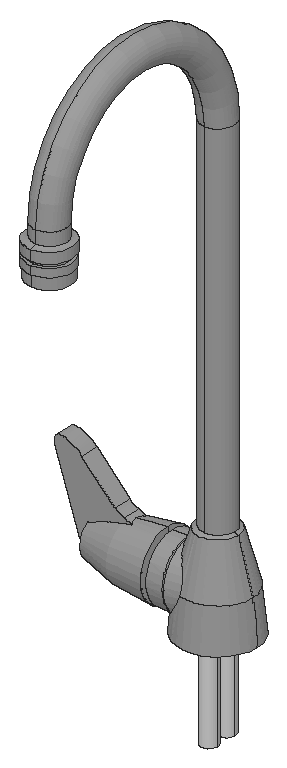
Revit family "equip-faucet-elkay-lkd208513-l", category Plumbing Fixtures, Revit 2019
Family settings
  Round Connector Dimension = Use Radius
  Part Type = Normal
  OmniClass Number = 23.45.55.17
  OmniClass Title = Mixing Faucets
  Work Plane-Based = Yes
  Always vertical = Yes
  Cut with Voids When Loaded = No
  Shared = No
  Room Calculation Point = No
Parameters
  URL = "www.elkayusa.com"
  Type Comments = ""
  Stem Material = Metal - Steel
  Specification URL = "http://www.elkayusa.com/cps/rde/xbcr/elkay/05-123_LKD20858_LKD208513.pdf"
  OmniClass Title = "Mixing Faucets"
  OmniClass Code = "23.45.55.17"
  Nominal Radius = Nominal Dia / 2  # 0' - 0 3/16"
  Nominal Dia = 0' - 0 3/8"
  Model = ""
  MasterFormat Title = "Commercial Faucets"
  MasterFormat Number = "22 42 39"
  Manufacturer = "Elkay Manufacturing"
  Keynote = ""
  HW Flow Rate = 2 GPM
  Faucet Material = Metal - Steel - Stainless - Chrome
  Description = ""
  Default Elevation = 3' - 0"
  Cost = 0
  CW Flow Rate = 2 GPM
  Assembly Code = "D2010900"
Reference planes (in)
  plane 1 "Center (Front/Back)": y = 0
  plane 2 "Sink Deck": z = 0
  plane 3 "Center (Left/Right)": x = 0
  plane 4 "Bottom of Stem": z = -2.12225
  plane 5 "Masking Region": z = 1.25
  plane 6 "CL Back Conn": y = 0.24999
  plane 7 "CL Front Conn": y = -0.25001
  plane 8 "Back": y = 0.87176
  plane 9 "Front": y = -0.8748
  plane 10 "Right": x = 2.89627
  plane 11 "Left": x = -2.89627
Forms (in)
  Sweep 1, solid, material "Metal - Steel - Stainless - Chrome" <- "Faucet Material"
    path origin (0, 0, 0) x (0, 1, 0) y (0, 0, 1)
      loop
        line (0, 2.125) -> (0, 10.375)
        arc (0, 10.375) -> (-2.37527, 12.75) -> (-4.75, 10.37446) r 2.375
        line (-4.75, 10.37446) -> (-4.75, 9.5941)
    profile origin (0, 0, 6.25) x (0, -1, 0) y (1, 0, 0)
      loop
        circle (0, 0) r 0.375
  Revolve 2, solid, material "Metal - Steel - Stainless - Chrome" <- "Faucet Material"
    sketch origin (0, 0, 0) x (1, 0, 0) y (0, 0, 1)
      loop
        line (0, 2.232) -> (0, 0) -> (0.87525, 0)
        arc (0.87525, 0) -> (0.84202, 0.48472) -> (0.77524, 0.96596) r 7
        arc (0.77524, 0.96596) -> (0.64698, 1.55205) -> (0.469, 2.125) r 7
        line (0.469, 2.125) -> (0.29525, 2.232) -> (0, 2.232)
      axis (0, 2.232) -> (0, 0)
    angle from 0 to 360
  Revolve 3, solid, material "Metal - Steel - Stainless - Chrome" <- "Faucet Material"
    sketch origin (0, 0, 0) x (0, 1, 0) y (0, 0, 1)
      loop
        line (-4.75, 10.18786) -> (-5.05543, 10.18786)
        arc (-5.05543, 10.18786) -> (-5.14047, 10.08548) -> (-5.266, 10.04125) r 0.25
        line (-5.266, 10.04125) -> (-5.266, 9.81125) -> (-5.1775, 9.81125) -> (-5.1775, 9.71525) -> (-5.2625, 9.71525) -> (-5.2625, 9.53025) -> (-5.23074, 9.53025) -> (-5.23074, 9.26525) -> (-4.75, 9.26525) -> (-4.75, 10.18786)
      axis (-4.75, 10.18786) -> (-4.75, 9.26525)
    angle from 0 to 360
  Extrusion 4, solid, material "Metal - Steel" <- "Stem Material"
    sketch origin (0, 0, 0) x (1, 0, 0) y (0, 1, 0)
      loop
        circle (0, -0.25001) r 0.1875
    from -2.12225 to 0
  Extrusion 5, solid, material "Metal - Steel - Stainless - Chrome" <- "Faucet Material"
    sketch origin (0, 0, 0) x (1, 0, 0) y (0, 0, 1)
      loop
        spline (-2.89627, 2.62892) -> (-2.97791, 2.70231) -> (-3.06127, 2.76646) -> (-3.14388, 2.81946) -> (-3.22328, 2.85973) -> (-3.29711, 2.88608) -> (-3.36318, 2.89773) -> (-3.41952, 2.89432) -> (-3.46447, 2.87597) -> (-3.49668, 2.84321) -> (-3.5152, 2.79701) -> (-3.51948, 2.73877) -> (-3.50938, 2.67019)
        arc (-3.50938, 2.67019) -> (-3.26735, 1.8077) -> (-2.95328, 0.96875) r 10.58985
        line (-2.95328, 0.96875) -> (-1.72115, 0.96875) -> (-1.72115, 1.62654) -> (-1.95864, 1.70975)
        arc (-1.95864, 1.70975) -> (-2.06646, 1.76282) -> (-2.15849, 1.84009) r 0.5
        line (-2.15849, 1.84009) -> (-2.89627, 2.62892)
    from -0.20703 to 0.20703
  Revolve 6, solid, material "Metal - Steel - Stainless - Chrome" <- "Faucet Material"
    sketch origin (0, 0, 0) x (1, 0, 0) y (0, 0, 1)
      loop
        line (-2.95328, 0.96875) -> (-1.02025, 0.96875) -> (-1.02025, 1.49375) -> (-1.135, 1.49375) -> (-1.135, 1.73375)
        arc (-1.135, 1.73375) -> (-1.96028, 1.6454) -> (-2.75552, 1.40775) r 4.52346
        arc (-2.75552, 1.40775) -> (-2.8569, 1.18937) -> (-2.95328, 0.96875) r 10.58985
      axis (-2.95328, 0.96875) -> (-1.02025, 0.96875)
    angle from 0 to 360
  Extrusion 7, solid, material "Metal - Steel" <- "Stem Material"
    sketch origin (0, 0, 0) x (1, 0, 0) y (0, 1, 0)
      loop
        circle (0, 0.24999) r 0.1875
    from -2.12225 to 0
  Revolve 8, solid, material "Metal - Steel - Stainless - Chrome" <- "Faucet Material"
    sketch origin (0, 0, 0) x (1, 0, 0) y (0, 0, 1)
      loop
        line (-1.02025, 0.96875) -> (0, 0.96875) -> (0, 1.62869) -> (-0.5805, 1.76271)
        arc (-0.5805, 1.76271) -> (-0.61505, 1.731) -> (-0.66064, 1.72) r 0.09375
        arc (-0.66064, 1.72) -> (-0.84047, 1.72056) -> (-1.02025, 1.7165) r 7
        line (-1.02025, 1.7165) -> (-1.02025, 0.96875)
      axis (-1.02025, 0.96875) -> (0, 0.96875)
    angle from 0 to 360
Cuts and joins
  joined: Extrusion 5, Revolve 6
  joined: Revolve 2, Revolve 8
Lines and regions (in)
  Masking region 1
    outline origin (0, 0, 1.25) x (0, -1, 0) y (1, 0, 0)
      loop
        arc (0.79201, 0.37187) -> (-0.87176, -0.00087) -> (0.79274, -0.37029) r 0.87344
        arc (0.79274, -0.37029) -> (0.8748, 0.00087) -> (0.79201, 0.37187) r 0.87648
  Masking region 2
    outline origin (0, 0, 1.25) x (0, -1, 0) y (1, 0, 0)
      loop
        arc (0, 0.375) -> (-0.375, 0) -> (0, -0.375) r 0.375
        line (0, -0.375) -> (4.4326, -0.375)
        arc (4.4326, -0.375) -> (5.27112, 0) -> (4.4326, 0.375) r 0.50311
        line (4.4326, 0.375) -> (0, 0.375)
  Masking region 3
    outline origin (0, 0, 1.25) x (0, -1, 0) y (1, 0, 0)
      loop
        line (0.525, -1.02025) -> (0.74802, -1.02025) -> (0.75083, -0.63549)
        arc (0.75083, -0.63549) -> (0.76336, -0.59853) -> (0.79547, -0.57634) r 0.06212
        line (0.79547, -0.57634) -> (0.76884, -0.39976)
        arc (0.76884, -0.39976) -> (-0.00045, -0.86675) -> (-0.76854, -0.39779) r 0.86531
        line (-0.76854, -0.39779) -> (-0.79547, -0.57634)
        arc (-0.79547, -0.57634) -> (-0.76336, -0.59853) -> (-0.75083, -0.63549) r 0.06212
        line (-0.75083, -0.63549) -> (-0.74802, -1.02025) -> (-0.525, -1.02025) -> (-0.525, -1.135) -> (-0.765, -1.135)
        arc (-0.765, -1.135) -> (-0.6767, -1.96029) -> (-0.43897, -2.75552) r 4.51926
        line (-0.43897, -2.75552) -> (-0.20703, -2.86301) -> (0.20703, -2.86301) -> (0.43897, -2.75552)
        arc (0.43897, -2.75552) -> (0.6767, -1.96029) -> (0.765, -1.135) r 4.51926
        line (0.765, -1.135) -> (0.525, -1.135) -> (0.525, -1.02025)
  Masking region 4
    outline origin (0, 0, 1.25) x (0, -1, 0) y (1, 0, 0)
      loop
        line (0.20703, -3.51977) -> (0.20703, -1.40178) -> (-0.20703, -1.40178) -> (-0.20703, -3.51977) -> (0.20703, -3.51977)
  reference lines, not visible
    curve 1: line (0, 0, 0.2814) -> (0, 0, 2.84832)
    curve 2: line (0, 0, 2.45085) -> (0, 0, 0.2814)
    curve 3: line (0, 0, 2.45085) -> (0, 0, 0.2814)
    curve 4: line (0, 0, 7.0064) -> (0, 0, 0.2814)
    curve 5: line (0, 0, 6.2564) -> (0, 0, 0.2814)
    curve 6: line (0, 0, 2.67639) -> (0, 0, 1.3264)
    curve 7: line (0, 0, 2.96625) -> (0, 0, 0.2814)
    curve 8: line (0, 0, 3.42108) -> (0, 0, 0.2814)
    curve 10: line (0, 0, 0.2814) -> (0, 0, 2.84832)
    curve 11: line (0, 0, 2.45085) -> (0, 0, 0.2814)
    curve 12: line (0, 0, 2.45085) -> (0, 0, 0.2814)
    curve 13: line (0, 0, 7.0064) -> (0, 0, 0.2814)
    curve 14: line (0, 0, 6.2564) -> (0, 0, 0.2814)
    curve 15: line (0, 0, 2.67639) -> (0, 0, 1.3264)
    curve 16: line (0, 0, 2.96625) -> (0, 0, 0.2814)
    curve 17: line (0, 0, 3.42108) -> (0, 0, 0.2814)
  symbolic lines, style "Faucet Plan"
    curve 9: arc (0.375, -0.3283, 1.25) -> (0, 0.49841, 1.25) -> (-0.375, -0.3283, 1.25) r 0.49841
    curve 18: line (-0.57561, -0.79547, 1.25) -> (-0.57561, -0.64803, 1.25)
    curve 19: line (-1.02025, 0.525, 1.25) -> (-1.02025, -0.525, 1.25)
    curve 20: line (-1.135, 0.525, 1.25) -> (-1.135, -0.525, 1.25)
    curve 21: line (-0.57561, 0.79547, 1.25) -> (-0.57561, 0.64803, 1.25)
  reference lines
    curve 22: circle (0, 0.24999, 0) r 0.1875 normal (0, 0, 1)
    curve 23: circle (0, -0.25001, 0) r 0.1875 normal (0, 0, 1)
  model lines, style "Faucet Plan"
    curve 24: line (0.375, -4.76934, 0) -> (0.375, -4.4326, 0)
    curve 25: arc (-0.375, -4.76934, 0) -> (0, -5.14434, 0) -> (0.375, -4.76934, 0) r 0.375
    curve 26: line (-0.375, -4.4326, 0) -> (-0.375, -4.76934, 0)
Dimensions and locks (in)
  locked: plane 5 "Masking Region" to plane 2 "Sink Deck" at 1.25
  "Nominal Radius": radius of curve 22
  "Nominal Radius": radius of curve 23
  aligned and locked: Extrusion 4 sketch curve to curve 23
  aligned and locked: Extrusion 7 sketch curve to curve 22
  aligned and locked: Extrusion 7 to plane 4 "Bottom of Stem"
  aligned and locked: Extrusion 4 to plane 4 "Bottom of Stem"
  aligned and locked: plane 2 "Sink Deck" to Extrusion 7
  aligned and locked: plane 2 "Sink Deck" to Extrusion 4
Automatic sketch dimensions
  curve 23 to plane 3 "Center (Left/Right)" = 0' - 0"
  curve 22 to plane 3 "Center (Left/Right)" = 0' - 0"
  curve 23 to plane 7 "CL Front Conn" = 0' - 0"
  curve 22 to plane 6 "CL Back Conn" = 0' - 0"
  curve 1 to plane 1 "Center (Front/Back)" = 0' - 0"
  curve 2 to plane 1 "Center (Front/Back)" = 0' - 0"
  curve 3 to plane 1 "Center (Front/Back)" = 0' - 0"
  curve 4 to plane 1 "Center (Front/Back)" = 0' - 0"
  curve 5 to plane 1 "Center (Front/Back)" = 0' - 0"
  curve 6 to plane 1 "Center (Front/Back)" = 0' - 0"
  curve 7 to plane 1 "Center (Front/Back)" = 0' - 0"
  curve 8 to plane 1 "Center (Front/Back)" = 0' - 0"
  curve 10 to plane 1 "Center (Front/Back)" = 0' - 0"
  curve 11 to plane 1 "Center (Front/Back)" = 0' - 0"
  curve 12 to plane 1 "Center (Front/Back)" = 0' - 0"
  curve 13 to plane 1 "Center (Front/Back)" = 0' - 0"
  curve 14 to plane 1 "Center (Front/Back)" = 0' - 0"
  curve 15 to plane 1 "Center (Front/Back)" = 0' - 0"
  curve 16 to plane 1 "Center (Front/Back)" = 0' - 0"
  curve 17 to plane 1 "Center (Front/Back)" = 0' - 0"
  level to curve 1 = 0' - 0.2814"
  curve 16 to curve 1 = 0' - 0"
  curve 14 to curve 16 = 0' - 0"
  curve 2 to curve 14 = 0' - 0"
  curve 13 to curve 14 = 0' - 0"
  curve 3 to curve 2 = 0' - 0"
  curve 12 to curve 13 = 0' - 0"
  curve 4 to curve 2 = 0' - 0"
  curve 11 to curve 12 = 0' - 0"  (x2)
  curve 5 to curve 4 = 0' - 0"
  curve 10 to curve 1 = 0' - 0"  (x2)
  curve 8 to curve 2 = 0' - 0"
  curve 7 to curve 8 = 0' - 0"
  curve 17 to curve 11 = 0' - 0"
  plane 5 "Masking Region" to curve 6 = 0' - 0.0764"
  curve 15 to curve 6 = 0' - 0"  (x2)
  curve 6 to curve 3 = 0' - 1.12445"
  curve 12 to curve 3 = 0' - 0"
  curve 2 to curve 3 = 0' - 0"
  curve 2 to curve 6 = 0' - 0.22554"
  curve 6 to curve 1 = 0' - 0.17192"
  curve 1 to curve 16 = 0' - 0.11793"
  curve 7 to curve 16 = 0' - 0"
  curve 7 to curve 17 = 0' - 0.45483"
  curve 8 to curve 17 = 0' - 0"
  curve 8 to curve 5 = 0' - 2.83532"
  curve 14 to curve 5 = 0' - 0"
  curve 5 to curve 13 = 0' - 0 3/4"
  curve 4 to curve 13 = 0' - 0"
  Sweep 1 sketch curve to plane 1 "Center (Front/Back)" = 0' - 0"
  Sweep 1 sketch curve to Sweep 1 sketch curve = 0' - 2 3/8"
  plane 5 "Masking Region" to Sweep 1 sketch curve = 0' - 0 7/8"
  plane 5 "Masking Region" to Sweep 1 sketch curve = 0' - 8.3441"
  Sweep 1 sketch curve to Sweep 1 sketch curve = 0' - 0.78036"
  Sweep 1 sketch curve to plane 3 "Center (Left/Right)" = 0' - 0"
  Sweep 1 sketch curve to profile plane = 0' - 0"
  Revolve 2 sketch curve to Revolve 2 sketch curve = 0' - 0"  (x3)
  Revolve 2 sketch curve to level = 0' - 0"  (x2)
  Revolve 2 sketch curve to plane 3 "Center (Left/Right)" = 0' - 0"  (x2)
  Revolve 2 sketch curve to level = 0' - 0.23614"
  Revolve 2 sketch curve to plane 3 "Center (Left/Right)" = 0' - 6.12077"
  plane 3 "Center (Left/Right)" to Revolve 2 sketch curve = 0' - 0.29525"
  Revolve 2 sketch curve to Revolve 2 sketch curve = 0' - 0.17375"
  Revolve 2 sketch curve to plane 5 "Masking Region" = 0' - 0.28404"
  plane 3 "Center (Left/Right)" to Revolve 2 sketch curve = 0' - 0.77524"
  Revolve 2 sketch curve to Revolve 2 sketch curve = 0' - 0.107"
  Revolve 3 sketch curve to Revolve 3 sketch curve = 0' - 0.01732"
  Revolve 3 sketch curve to Revolve 3 sketch curve = 0' - 0"  (x3)
  Revolve 3 sketch curve to Revolve 3 sketch curve = 0' - 0.0035"
  Revolve 3 sketch curve to Revolve 3 sketch curve = 0' - 0.03176"
  Revolve 3 sketch curve to Revolve 3 sketch curve = 0' - 0.085"
  Revolve 3 sketch curve to Revolve 3 sketch curve = 0' - 0.22789"
  Revolve 3 sketch curve to Revolve 3 sketch curve = 0' - 0.30543"
  plane 5 "Masking Region" to Revolve 3 sketch curve = 0' - 8.01525"
  Revolve 3 sketch curve to Revolve 3 sketch curve = 0' - 0.265"
  Revolve 3 sketch curve to Revolve 3 sketch curve = 0' - 0.185"
  Revolve 3 sketch curve to Revolve 3 sketch curve = 0' - 0.05968"
  Revolve 3 sketch curve to Revolve 3 sketch curve = 0' - 0.096"
  Revolve 3 sketch curve to Revolve 3 sketch curve = 0' - 0.23"
  Revolve 3 sketch curve to Revolve 3 sketch curve = 0' - 0.14661"
  Masking region 1 sketch curve to plane 3 "Center (Left/Right)" = 0' - 0"
  Masking region 1 sketch curve to plane 1 "Center (Front/Back)" = 0' - 0.00168"
  plane 3 "Center (Left/Right)" to Masking region 1 sketch curve = 0' - 0"
  plane 1 "Center (Front/Back)" to Masking region 1 sketch curve = 0' - 0.00168"
  plane 1 "Center (Front/Back)" to Masking region 2 sketch curve = 0' - 0"
  plane 1 "Center (Front/Back)" to curve 9 = 0' - 0"
  curve 9 to plane 3 "Center (Left/Right)" = 0' - 0"
  plane 6 "CL Back Conn" to curve 20 = 0' - 0.27501"
  curve 20 to curve 19 = 0' - 0"  (x2)
  plane 6 "CL Back Conn" to curve 21 = 0' - 0.39804"
  curve 21 to curve 21 = 0' - 0.14744"
  curve 9 to plane 7 "CL Front Conn" = 0' - 0.0783"  (x2)
  curve 19 to plane 7 "CL Front Conn" = 0' - 0.27499"
  curve 9 to curve 18 = 0' - 0.31973"
  curve 18 to curve 18 = 0' - 0.14744"
  curve 9 to plane 3 "Center (Left/Right)" = 0' - 0 3/8"
  curve 18 to curve 9 = 0' - 0.20061"
  curve 21 to plane 3 "Center (Left/Right)" = 0' - 0.57561"
  curve 19 to curve 18 = 0' - 0.44464"
  curve 20 to curve 19 = 0' - 0.11475"
  Masking region 3 sketch curve to plane 3 "Center (Left/Right)" = 0' - 1.06891"  (x2)
  Masking region 3 sketch curve to Masking region 3 sketch curve = 0' - 0.01748"
  Masking region 3 sketch curve to Masking region 3 sketch curve = 0' - 0.02693"
  Masking region 3 sketch curve to Masking region 3 sketch curve = 0' - 0.06211"  (x2)
  Masking region 3 sketch curve to Masking region 3 sketch curve = 0' - 0.01698"  (x2)
  Masking region 3 sketch curve to Masking region 3 sketch curve = 0' - 0.22302"  (x2)
  plane 6 "CL Back Conn" to Masking region 3 sketch curve = 0' - 0.18897"
  Masking region 3 sketch curve to plane 6 "CL Back Conn" = 0' - 0 11/256"
  plane 1 "Center (Front/Back)" to Masking region 3 sketch curve = 0' - 0.00066"
  plane 7 "CL Front Conn" to Masking region 3 sketch curve = 0' - 0 11/256"
  Masking region 3 sketch curve to plane 7 "CL Front Conn" = 0' - 0.18896"
  Masking region 3 sketch curve to plane 7 "CL Front Conn" = 0' - 0.27499"
  Masking region 3 sketch curve to Masking region 3 sketch curve = 0' - 0.01801"
  Masking region 3 sketch curve to Masking region 3 sketch curve = 0' - 0.04464"
  Masking region 3 sketch curve to plane 3 "Center (Left/Right)" = 0' - 1.135"
  Masking region 3 sketch curve to Masking region 3 sketch curve = 0' - 0"
  Masking region 3 sketch curve to Masking region 3 sketch curve = 0' - 0.1075"
  Masking region 3 sketch curve to Masking region 3 sketch curve = 0' - 0.11475"  (x2)
  Masking region 3 sketch curve to Masking region 3 sketch curve = 0' - 0.3843"  (x2)
  Masking region 3 sketch curve to Masking region 3 sketch curve = 0' - 0.00045"  (x2)
  Masking region 3 sketch curve to Masking region 3 sketch curve = 0' - 0.17658"
  Masking region 3 sketch curve to Masking region 3 sketch curve = 0' - 0.17856"
  Masking region 4 sketch curve to plane 6 "CL Back Conn" = 0' - 0 11/256"
  plane 7 "CL Front Conn" to Masking region 4 sketch curve = 0' - 0 11/256"
  Masking region 4 sketch curve to plane 3 "Center (Left/Right)" = 0' - 3.51977"
  Masking region 4 sketch curve to plane 3 "Center (Left/Right)" = 0' - 1.40178"
  Masking region 3 sketch curve to plane 1 "Center (Front/Back)" = 0' - 0.525"
  Masking region 3 sketch curve to Masking region 3 sketch curve = 0' - 0.00281"  (x2)
  Masking region 3 sketch curve to Masking region 3 sketch curve = 0' - 2.94083"  (x2)
  Sweep 1 sketch curve to plane 7 "CL Front Conn" = 0' - 2 1/8"
  Revolve 3 sketch curve to plane 7 "CL Front Conn" = 0' - 5.03331"
  Masking region 1 sketch curve to plane 7 "CL Front Conn" = 0' - 0.542"
  Masking region 1 sketch curve to plane 3 "Center (Left/Right)" = 0' - 0.37029"
  Revolve 8 sketch curve to plane 3 "Center (Left/Right)" = 0' - 0"
  Revolve 8 sketch curve to plane 3 "Center (Left/Right)" = 0' - 0.5805"
  Revolve 8 sketch curve to Revolve 8 sketch curve = 0' - 0.07864"
  Revolve 8 sketch curve to Revolve 8 sketch curve = 0' - 0.08014"
  Revolve 8 sketch curve to Revolve 8 sketch curve = 0' - 0"
  Revolve 8 sketch curve to plane 3 "Center (Left/Right)" = 0' - 0.77227"
  Revolve 8 sketch curve to Revolve 8 sketch curve = 0' - 0.35961"
  Revolve 8 sketch curve to plane 5 "Masking Region" = 0' - 0 9/32"  (x2)
  plane 11 "Left" to Revolve 8 sketch curve = 0' - 2.89627"
  plane 11 "Left" to Revolve 8 sketch curve = 0' - 1.87602"
  plane 5 "Masking Region" to Revolve 8 sketch curve = 0' - 0.37869"
  Revolve 8 sketch curve to plane 4 "Bottom of Stem" = 0' - 3.15686"
  plane 5 "Masking Region" to Revolve 8 sketch curve = 0' - 0.4665"
  Revolve 6 sketch curve to plane 11 "Left" = 0' - 0.05701"
  Revolve 6 sketch curve to Revolve 6 sketch curve = 0' - 0"  (x2)
  plane 11 "Left" to Revolve 6 sketch curve = 0' - 0.14075"
  plane 5 "Masking Region" to Revolve 6 sketch curve = 0' - 0.24375"
  Revolve 6 sketch curve to plane 3 "Center (Left/Right)" = 0' - 1.135"
  Revolve 6 sketch curve to plane 4 "Bottom of Stem" = 0' - 0.66696"
  Revolve 6 sketch curve to plane 3 "Center (Left/Right)" = 0' - 1.06817"
  Revolve 6 sketch curve to Revolve 6 sketch curve = 0' - 0.11475"  (x2)
  Revolve 6 sketch curve to plane 4 "Bottom of Stem" = 0' - 1.0379"
  Revolve 6 sketch curve to plane 10 "Right" = 0' - 3.90222"
  Revolve 6 sketch curve to plane 5 "Masking Region" = 0' - 0 9/32"
  Extrusion 5 sketch curve to plane 11 "Left" = 0' - 0"
  Extrusion 5 sketch curve to plane 11 "Left" = 0' - 0.13961"
  Extrusion 5 sketch curve to Extrusion 5 sketch curve = 0' - 0.4735"
  Extrusion 5 sketch curve to plane 5 "Masking Region" = 0' - 0 9/32"
  plane 11 "Left" to Extrusion 5 sketch curve = 0' - 0.3035"
  Extrusion 5 sketch curve to Extrusion 5 sketch curve = 0' - 0.43428"
  Extrusion 5 sketch curve to Extrusion 5 sketch curve = 0' - 0.19985"
  Extrusion 5 sketch curve to Extrusion 5 sketch curve = 0' - 0.36517"
  Extrusion 5 sketch curve to Extrusion 5 sketch curve = 0' - 0.2375"
  Extrusion 5 sketch curve to plane 10 "Right" = 0' - 3.90222"
  plane 5 "Masking Region" to Extrusion 5 sketch curve = 0' - 0.37654"
  Extrusion 5 sketch curve to Extrusion 5 sketch curve = 0' - 0.08321"
  Extrusion 5 sketch curve to Extrusion 5 sketch curve = 0' - 0.13034"
  Extrusion 5 sketch curve to Extrusion 5 sketch curve = 0' - 0.07775"
  Extrusion 5 sketch curve to Extrusion 5 sketch curve = 0' - 0.23774"
  Extrusion 5 sketch curve to plane 11 "Left" = 0' - 0.05701"
  Masking region 2 sketch curve to plane 3 "Center (Left/Right)" = 0' - 0"  (x2)
  Masking region 2 sketch curve to plane 3 "Center (Left/Right)" = 0' - 0 3/8"
  Masking region 2 sketch curve to plane 9 "Front" = 0' - 3.55779"
  Masking region 2 sketch curve to Masking region 2 sketch curve = 0' - 0.33541"
  curve 25 to plane 3 "Center (Left/Right)" = 0' - 0"
  curve 26 to curve 25 = 0' - 0 3/8"
  curve 26 to plane 9 "Front" = 0' - 3 229/256"
  curve 25 to curve 26 = 0' - 0.33674"
  curve 24 to curve 24 = 0' - 0.33674"
  radius of Sweep 1 sketch curve = 0' - 0 3/8"
Connectors (in)
  piping at (0, -0.25001, -2.12225), diameter 0.375, driven by "Nominal Radius", driven by "HW Flow Rate"
    settings: on Extrusion 4, index 1, connector inside diameter 3/8", connector length 0' - 0", flow factor 0, pipe flow 2 GPM, pressure drop 0.00 psi, fitting loss kfactor 0, connector angle 0.00°, fixture units 0, engagement length 0' - 0", angle of deflection 0.00°, flow configuration 1, flow direction 1, fitting loss method 0, system type 29, joint type 0, gender type 0, connector reference index -1, connector utility 0, adjustable connector no, is connector primary yes, connector description "Hot Water Supply"
  piping at (0, 0.24999, -2.12225), diameter 0.375, driven by "CW Flow Rate", driven by "Nominal Radius"
    settings: on Extrusion 7, index 2, connector inside diameter 3/8", connector length 0' - 0", flow factor 0, pipe flow 2 GPM, pressure drop 0.00 psi, fitting loss kfactor 0, connector angle 0.00°, fixture units 0, engagement length 0' - 0", angle of deflection 0.00°, flow configuration 1, flow direction 1, fitting loss method 0, system type 29, joint type 0, gender type 0, connector reference index -1, connector utility 0, adjustable connector no, is connector primary no, connector description "Cold Water Supply"
